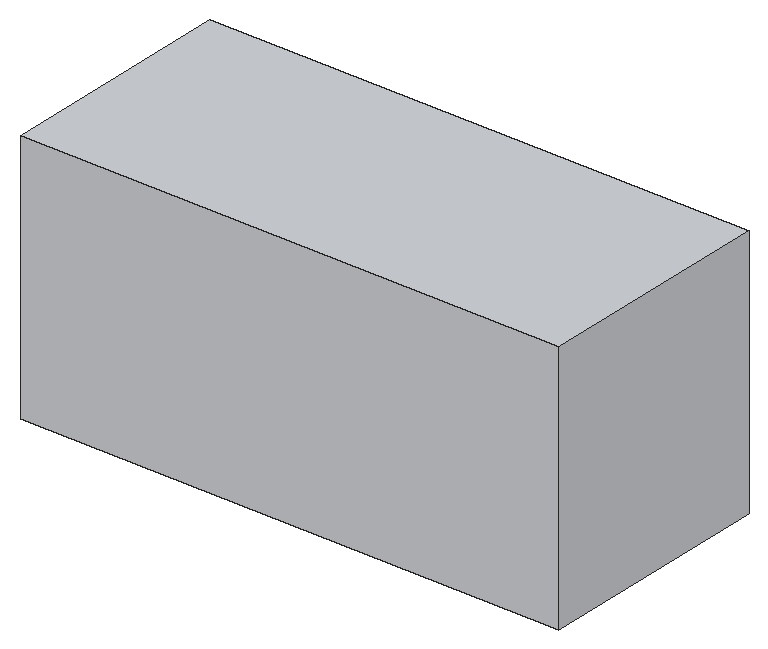
Revit family "GIS_Transformer_Conservator", category Modelos genéricos, Revit 2027
Family settings
  Pode hospedar o vergalhão = Não
  Cota do conector redondo = Utilizar diâmetro
  Tipo de parte = Normal
  Com base no plano de trabalho = Não
  Sempre na vertical = Sim
  Corte com vazios quando carregada = Não
  Manter orientação da anotação = Não
  Compartilhado = Não
  Ponto de cálculo do ambiente = Não
Parameters (values of type "TR_CONSERVATOR_STUDY")
  Elevação padrão = 0 mm
  BIM_TensaoSecundaria_kV = 0
  BIM_TensaoNominal_kV = 0
  BIM_TensaoClasse_kV = 0
  BIM_TensaoClasseSecundaria_kV = 0
  BIM_Sistema_Elemento [instance] = ""
  BIM_ReferenciaCatalogo = "Portfolio estimate; include only if conservator construction is confirmed"
  BIM_Profundidade = 750 mm
  BIM_Potencia_MVA = 0
  BIM_Localizacao [instance] = ""
  BIM_Largura = 1700 mm
  BIM_Impedancia_pu = 0
  BIM_FonteGeometria = "Portfolio estimate; include only if conservator construction is confirmed"
  BIM_Fabricante = "NAO SELECIONADO"
  BIM_EstadoGeometria = "CONDITIONAL"
  BIM_EstadoEspecificacao = "PREMISSA / NAO SELECIONADO"
  BIM_DescricaoEstudo = "Conservador de oleo conceitual, condicionado a construcao com conservador."
  BIM_CorrenteReferenciaSecundaria_A = 0
  BIM_CorrenteNominal_A = 0
  BIM_Bay [instance] = ""
  BIM_AlturaCorpoPrincipal = 800 mm
  BIM_Altura = 800 mm
Reference planes
  plane 1 "Centro (Frente/Trás)": y = 0
  plane 2: z = 0
  plane 3 "Centro (Esquerda/Direita)": x = 0
  plane 4 "BIM Left": x = -850
  plane 5 "BIM Right": x = 850
  plane 6 "BIM Front": y = -375
  plane 7 "BIM Back": y = 375
Forms (mm)
  Extrusion 1, solid
    sketch origin (0, 0, 0) x (1, 0, 0) y (0, 1, 0)
      loop
        line (-850, -375) -> (850, -375) -> (850, 375) -> (-850, 375) -> (-850, -375)
    from 0 to 800 <- "BIM_AlturaCorpoPrincipal"
Dimensions and locks
  "BIM_Largura": plane 4 "BIM Left" to plane 5 "BIM Right"
  "BIM_Profundidade": plane 6 "BIM Front" to plane 7 "BIM Back"
  aligned and locked: level to plane 2
  aligned and locked: plane 4 "BIM Left" to Extrusion 1
  aligned and locked: Extrusion 1 to plane 5 "BIM Right"
  aligned and locked: Extrusion 1 to plane 6 "BIM Front"
  aligned and locked: plane 7 "BIM Back" to Extrusion 1
Automatic sketch dimensions
  Extrusion 1 sketch curve to plane 4 "BIM Left" = 0 mm
  Extrusion 1 sketch curve to plane 5 "BIM Right" = 0 mm
  Extrusion 1 sketch curve to plane 6 "BIM Front" = 0 mm
  Extrusion 1 sketch curve to plane 7 "BIM Back" = 0 mm
